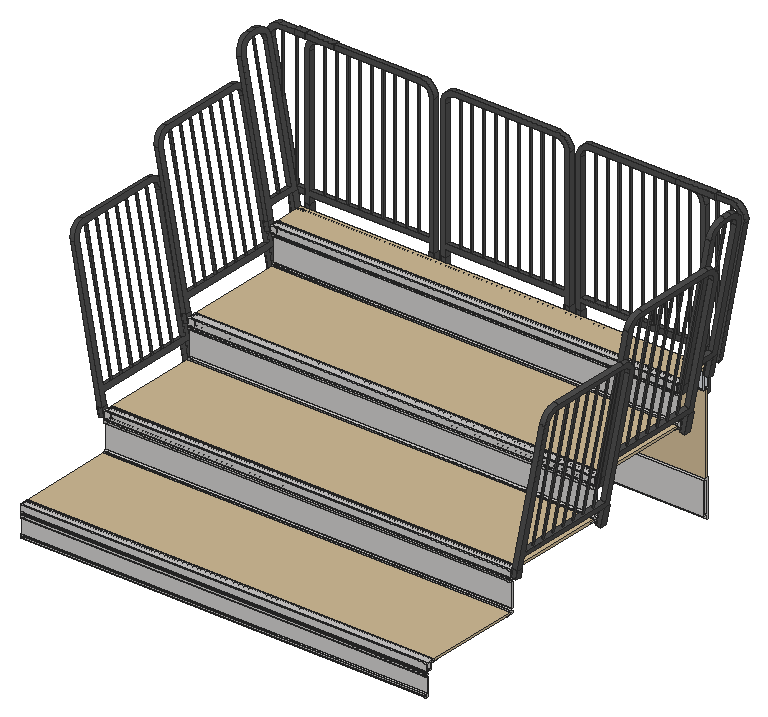
Revit family "Bleacher-Telescopic-Hussey-MAXAM_Plus-Portable-Simplified", category Specialty Equipment, Revit 2023 (continued)
Definition of nested family "Bleacher-Rear_Rail-Hussey"
  Forms (in)
    Extrusion 5, solid, detail levels medium+fine
      sketch origin (0, 0, 0) x (1, 0, 0) y (0, 1, 0)
        loop
          line (-121.625, 24.125) -> (-121.625, 22.375) -> (-119.875, 22.375) -> (-119.875, 24.125) -> (-121.625, 24.125)
      from -0.125 to 0
    Extrusion 6, solid, detail levels medium+fine
      sketch origin (0, 0, 0) x (1, 0, 0) y (0, 1, 0)
        loop
          line (-121.625, 24.125) -> (-121.625, 22.375) -> (-119.875, 22.375) -> (-119.875, 24.125) -> (-121.625, 24.125)
        loop
          line (-120, 24) -> (-121.5, 24) -> (-121.5, 22.5) -> (-120, 22.5) -> (-120, 24)
      from 0 to 9.5
  Cuts and joins
    joined: Sweep 1, Extrusion 2
    joined: Extrusion 3, Extrusion 4
    joined: Extrusion 5, Extrusion 6
  Dimensions and locks (in)
    "Height": plane 4 "Top" to level
    plane 2 "Left" to plane 6 to plane 5 = 0' - 0 3/4" locked, 0' - 0 3/4" locked
    "Width": plane 3 "Front" to plane 8
    locked: plane 3 "Front" to plane 9 at 1.5
    locked: plane 7 to plane 8 at 1.5
    locked: plane 4 "Top" to plane 10 at 1.5
    locked: plane 12 to plane 11 at 1.5
    "Baluster Spacing": plane 9 to plane 13 "First Baluster"
    "Baluster Spacing": plane 14 "Last Baluster" to plane 7
    "Baluster Height": plane 10 to plane 12
    equal spacing: group 1, group 3, group 4, group 5, group 6, group 7, group 8, group 2  (x3)
    locked: plane 3 "Front" to plane 16 at 0.125
    locked: plane 15 to plane 9 at 0.125
    locked: plane 17 to plane 5 at 0.125
    locked: plane 2 "Left" to plane 18 at 0.125
    locked: plane 8 to plane 19 at 0.125
    locked: plane 20 to plane 7 at 0.125
    locked: plane 1 to plane 21 at 0.125
    equal spacing: plane 3 "Front", plane 23 "Center (Front/Back)", plane 8
    locked: plane 11 to plane 22 at 2.25
    locked: plane 22 to plane 24 "Top Deck Height" at 1.125
    aligned and locked: plane 1 to level
    aligned and locked: Sweep 1 sketch curve to plane 3 "Front"
    aligned and locked: Sweep 1 sketch curve to plane 4 "Top"
    aligned and locked: Sweep 1 sketch curve to plane 8
    aligned and locked: plane 1 to Sweep 1 sketch curve  (x2)
    aligned and locked: plane 5 to Sweep 1 sketch curve
    aligned and locked: plane 9 to Sweep 1 sketch curve
    aligned and locked: plane 2 "Left" to Sweep 1 sketch curve
    aligned and locked: plane 3 "Front" to Sweep 1 sketch curve
    aligned and locked: plane 12 to Extrusion 2 sketch curve
    aligned and locked: plane 11 to Extrusion 2 sketch curve
    aligned and locked: plane 5 to Extrusion 2 sketch curve
    aligned and locked: plane 2 "Left" to Extrusion 2 sketch curve
    aligned and locked: plane 9 to Extrusion 2
    aligned and locked: Extrusion 2 to plane 7
    aligned and locked: plane 12 to nested 1
    aligned and locked: plane 13 "First Baluster" to nested 1
    aligned and locked: nested 1 to plane 6
    aligned and locked: plane 14 "Last Baluster" to nested 2
    aligned and locked: nested 2 to plane 12
    aligned and locked: Extrusion 3 sketch curve to plane 17
    aligned and locked: Extrusion 3 sketch curve to plane 15
    aligned and locked: plane 18 to Extrusion 3 sketch curve
    aligned and locked: plane 16 to Extrusion 3 sketch curve
    aligned and locked: Extrusion 3 sketch curve to plane 2 "Left"
    aligned and locked: Extrusion 3 sketch curve to plane 5
    aligned and locked: Extrusion 3 sketch curve to plane 3 "Front"
    aligned and locked: Extrusion 3 sketch curve to plane 9
    aligned and locked: Extrusion 3 to plane 1
    aligned and locked: plane 22 to Extrusion 3
    aligned and locked: Extrusion 4 sketch curve to plane 17
    aligned and locked: plane 18 to Extrusion 4 sketch curve
    aligned and locked: Extrusion 4 sketch curve to plane 15
    aligned and locked: plane 16 to Extrusion 4 sketch curve
    aligned and locked: plane 1 to Extrusion 4
    aligned and locked: Extrusion 4 to plane 21
    aligned and locked: Extrusion 5 sketch curve to plane 19
    aligned and locked: plane 20 to Extrusion 5 sketch curve
    aligned and locked: plane 17 to Extrusion 5 sketch curve
    aligned and locked: plane 18 to Extrusion 5 sketch curve
    aligned and locked: plane 21 to Extrusion 5
    aligned and locked: plane 1 to Extrusion 5
    aligned and locked: Extrusion 6 sketch curve to plane 19
    aligned and locked: Extrusion 6 sketch curve to plane 8
    aligned and locked: Extrusion 6 sketch curve to plane 7
    aligned and locked: plane 20 to Extrusion 6 sketch curve
    aligned and locked: plane 5 to Extrusion 6 sketch curve
    aligned and locked: Extrusion 6 sketch curve to plane 2 "Left"
    aligned and locked: plane 17 to Extrusion 6 sketch curve
    aligned and locked: plane 18 to Extrusion 6 sketch curve
    aligned and locked: Extrusion 6 to plane 1
    aligned and locked: plane 22 to cut or joined group of Extrusion 5, Extrusion 6
  Automatic sketch dimensions
    Sweep 1 sketch curve to plane 13 "First Baluster" = 0' - 1 1/8"
    plane 14 "Last Baluster" to Sweep 1 sketch curve = 0' - 1 1/8"
  Nested families (in)
    nested 1: "Bleacher-End_Rail-Hussey-Baluster" at (-0.75, 5.5, 13.25), type "Bleacher-End_Rail-Hussey-Baluster"
      with Height 3' - 5 13/16"
    nested 2: "Bleacher-End_Rail-Hussey-Baluster" at (-0.75, 30.5, 13.25), type "Bleacher-End_Rail-Hussey-Baluster"
      with Height 3' - 5 13/16"
    nested 3: "Bleacher-End_Rail-Hussey-Baluster" at (-0.75, 9.07143, 13.25), type "Bleacher-End_Rail-Hussey-Baluster"
      with Height 3' - 5 13/16"
    nested 4: "Bleacher-End_Rail-Hussey-Baluster" at (-0.75, 12.64286, 13.25), type "Bleacher-End_Rail-Hussey-Baluster"
      with Height 3' - 5 13/16"
    nested 5: "Bleacher-End_Rail-Hussey-Baluster" at (-0.75, 16.21429, 13.25), type "Bleacher-End_Rail-Hussey-Baluster"
      with Height 3' - 5 13/16"
    nested 6: "Bleacher-End_Rail-Hussey-Baluster" at (-0.75, 19.78571, 13.25), type "Bleacher-End_Rail-Hussey-Baluster"
      with Height 3' - 5 13/16"
    nested 7: "Bleacher-End_Rail-Hussey-Baluster" at (-0.75, 23.35714, 13.25), type "Bleacher-End_Rail-Hussey-Baluster"
      with Height 3' - 5 13/16"
    nested 8: "Bleacher-End_Rail-Hussey-Baluster" at (-0.75, 26.92857, 13.25), type "Bleacher-End_Rail-Hussey-Baluster"
      with Height 3' - 5 13/16"
  Definition of nested family "Bleacher-End_Rail-Hussey-Baluster"
    Parameters
      URL = "http://www.husseyseating.com/"
      Model = ""
      Manufacturer = "Hussey Seating Company"  # constant formula
      Height = 3' - 3"
      Description = "Single Baluster for Bleacher End Rail"
      Default Elevation = 0' - 0"
      Created By = "Revitus"  # constant formula
      Creator URL = "http://www.revituspro.com/"
      Baluster Width = 0' - 0 3/8"
      Baluster Material = none
      Baluster Depth = 0' - 0 3/8"
      Assembly Code = ""
    Reference planes (in)
      plane 1: z = 0
      plane 2 "Center (Left/Right)": x = -120
      plane 3 "Center (Front/Back)": y = -12
      plane 4 "Top": z = 39
      plane 5 "Left": x = -120.1875
      plane 6 "Back": y = -11.8125
      plane 7 "Right": x = -119.8125
      plane 8 "Front": y = -12.1875
    Forms (in)
      Extrusion 1, solid, material <- "Baluster Material"
        sketch origin (0, 0, 0) x (1, 0, 0) y (0, 1, 0)
          loop
            line (-119.8125, -11.8125) -> (-120.1875, -11.8125) -> (-120.1875, -12.1875) -> (-119.8125, -12.1875) -> (-119.8125, -11.8125)
        from 0 to 39
    Dimensions and locks (in)
      "Height": plane 4 "Top" to level
      equal spacing: plane 5 "Left", plane 2 "Center (Left/Right)", plane 7 "Right"
      "Baluster Width": plane 5 "Left" to plane 7 "Right"
      equal spacing: plane 8 "Front", plane 3 "Center (Front/Back)", plane 6 "Back"
      "Baluster Depth": plane 8 "Front" to plane 6 "Back"
      aligned and locked: plane 1 to level
      aligned and locked: Extrusion 1 sketch curve to plane 6 "Back"
      aligned and locked: plane 7 "Right" to Extrusion 1 sketch curve
      aligned and locked: plane 8 "Front" to Extrusion 1 sketch curve
      aligned and locked: Extrusion 1 sketch curve to plane 5 "Left"
      aligned and locked: plane 4 "Top" to Extrusion 1
      aligned and locked: Extrusion 1 to level
Definition of nested family "Bleacher-Rear_Rail_Filler-Hussey"
  Parameters
    URL = "http://www.husseyseating.com/"
    Model = ""
    Manufacturer = "Hussey Seating Company"  # constant formula
    Height = 4' - 8 9/16"
    End Rail Color = none
    Description = "Rear Rail Filler at End Rail"
    Default Elevation = 0' - 0"
    Created By = "Revitus"  # constant formula
    Creator URL = "http://www.revituspro.com/"
    Baluster Height = Height - 1' 2 3/4"  # 3' - 5 13/16"
    Assembly Code = ""
  Reference planes (in)
    plane 1: z = 0
    plane 2 "Left": x = -120
    plane 3 "Front": y = -12
    plane 4 "Top": z = 56.5625
    plane 5: x = -121.5
    plane 6 "Center (Left/Right)": x = -120.75
    plane 7: y = -10.5
    plane 8: z = 55.0625
    plane 9: z = 11.75
    plane 10: z = 13.25
    plane 11: y = -10.375
    plane 12: y = -12.125
    plane 13: x = -121.625
    plane 14: x = -119.875
    plane 15: z = -0.125
    plane 16: z = 9.5
    plane 17 "Top Deck Height": z = 8.375
    plane 18: y = -24.125
    plane 19: y = -15.125
    plane 20: x = -121.625
    plane 21: x = -119.875
    plane 22: z = 56.6875
    plane 23: y = -3
    plane 24: y = -19.5
  Forms (in)
    Sweep 1, solid, material <- "End Rail Color"
      path origin (-120, 0, 0) x (0, 1, 0) y (0, 0, 1)
        loop
          line (-16.03064, 10.12437) -> (-24.04462, 51.35271)
          arc (-24.04462, 51.35271) -> (-23.12586, 54.97034) -> (-19.75, 56.5625) r 4.375
          line (-19.75, 56.5625) -> (-12, 56.5625)
      profile origin (-120, -20.03763, 30.73854) x (0, -0.981627, -0.190809) y (1, 0, 0)
        loop
          line (-1.5, -1.5) -> (0, -1.5) -> (0, 0) -> (-1.5, 0) -> (-1.5, -1.5)
    Extrusion 2, solid, material <- "End Rail Color"
      sketch origin (0, -12, 0) x (-1, 0, 0) y (0, 0, 1)
        loop
          line (121.5, 13.25) -> (120, 13.25) -> (120, 11.75) -> (121.5, 11.75) -> (121.5, 13.25)
      from -3.125 to 0
    Extrusion 3, solid, material <- "End Rail Color"
      sketch origin (0, 5, 0) x (0, 0, 1) y (1, 0, 0)
        loop
          line (56.6875, -121.625) -> (56.6875, -119.875) -> (55.0625, -119.875) -> (55.0625, -120) -> (56.5625, -120) -> (56.5625, -121.5) -> (55.0625, -121.5) -> (55.0625, -121.625) -> (56.6875, -121.625)
      from -20.125 to -8
  Lines and regions (in)
    reference lines
      curve 1: line (-120.75, -10.5, 56.5625) -> (-120.75, -19.75, 56.5625)
      curve 2: line (-120.75, -16.03064, 10.12437) -> (-120.75, -24.04462, 51.35271)
      curve 3: arc (-120.75, -24.04462, 51.35271) -> (-120.75, -23.12586, 54.97034) -> (-120.75, -19.75, 56.5625) r 4.375
  Dimensions and locks (in)
    "Height": plane 4 "Top" to level
    plane 2 "Left" to plane 6 "Center (Left/Right)" to plane 5 = 0' - 0 3/4" locked, 0' - 0 3/4" locked
    locked: plane 3 "Front" to plane 7 at 1.5
    locked: plane 4 "Top" to plane 8 at 1.5
    locked: plane 10 to plane 9 at 1.5
    "Baluster Height": plane 8 to plane 10
    locked: plane 3 "Front" to plane 12 at 0.125
    locked: plane 11 to plane 7 at 0.125
    locked: plane 13 to plane 5 at 0.125
    locked: plane 2 "Left" to plane 14 at 0.125
    locked: plane 1 to plane 15 at 0.125
    locked: plane 9 to plane 16 at 2.25
    locked: plane 16 to plane 17 "Top Deck Height" at 1.125
    locked: plane 22 to plane 4 "Top" at 0.125
    locked: plane 21 to plane 2 "Left" at 0.125
    locked: plane 20 to plane 5 at 0.125
    plane 18 to plane 19 to plane 7 to plane 23 = 0' - 9" locked, 0' - 4 5/8" locked, 0' - 7 1/2" locked
    angle plane 18 to curve 2 = 11.00°
    aligned and locked: plane 1 to level
    aligned and locked: plane 10 to Extrusion 2 sketch curve
    aligned and locked: plane 9 to Extrusion 2 sketch curve
    aligned and locked: plane 5 to Extrusion 2 sketch curve
    aligned and locked: plane 2 "Left" to Extrusion 2 sketch curve
    aligned: plane 7 to Extrusion 2
    aligned and locked: nested 1 to plane 6 "Center (Left/Right)"
    aligned and locked: Sweep 1 sketch curve to curve 2
    aligned and locked: Sweep 1 sketch curve to curve 3
    aligned and locked: curve 1 to Sweep 1 sketch curve
    aligned and locked: plane 20 to Extrusion 3 sketch curve
    aligned and locked: plane 22 to Extrusion 3 sketch curve
    aligned and locked: Extrusion 3 sketch curve to plane 21
    aligned and locked: plane 2 "Left" to Extrusion 3 sketch curve
    aligned and locked: plane 5 to Extrusion 3 sketch curve
    aligned and locked: plane 4 "Top" to Extrusion 3 sketch curve
    aligned and locked: plane 8 to Extrusion 3 sketch curve  (x2)
    aligned and locked: Extrusion 3 to plane 19
    aligned and locked: plane 23 to Extrusion 3
    aligned and locked: plane 24 to nested 1
    aligned and locked: plane 19 to nested 2
    aligned and locked: plane 3 "Front" to Extrusion 2
  Automatic sketch dimensions
    Sweep 1 sketch curve to plane 2 "Left" = 0' - 0"
    Sweep 1 sketch curve to profile plane = 0' - 0"
    Sweep 1 sketch curve to Sweep 1 sketch curve = 0' - 1 1/2"
    Sweep 1 sketch curve to plane 2 "Left" = 0' - 1 1/2"
    plane 4 "Top" to curve 1 = 0' - 0"
    curve 1 to plane 7 = 0' - 0"
    curve 3 to plane 8 = 0' - 2 7/8"
    plane 18 to curve 3 = 0' - 0.08038"
    curve 3 to plane 8 = 0' - 3.70979"
    Sweep 1 sketch curve to plane 3 "Front" = 0' - 0"
    plane 18 to Sweep 1 sketch curve = 0' - 0.08038"
    plane 16 to Sweep 1 sketch curve = 0' - 0.62437"
  Nested families (in)
    nested 1: "Bleacher-End_Rail-Hussey-Baluster" at (-0.75, -7.5, 36.5625), type "Bleacher-Rear_Rail_Filler-Hussey-Baluster"
      with Height 1' - 6 1/2"
    nested 2: "Bleacher-End_Rail-Hussey-Baluster" at (-0.75, -3.125, 13.25), type "Bleacher-End_Rail-Hussey-Baluster"
      with Height 3' - 5 13/16"
  Definition of nested family "Bleacher-End_Rail-Hussey-Baluster"
    Parameters
      URL = "http://www.husseyseating.com/"
      Model = ""
      Manufacturer = "Hussey Seating Company"  # constant formula
      Height = 3' - 3"
      Description = "Single Baluster for Bleacher End Rail"
      Default Elevation = 0' - 0"
      Created By = "Revitus"  # constant formula
      Creator URL = "http://www.revituspro.com/"
      Baluster Width = 0' - 0 3/8"
      Baluster Material = none
      Baluster Depth = 0' - 0 3/8"
      Assembly Code = ""
    Reference planes (in)
      plane 1: z = 0
      plane 2 "Center (Left/Right)": x = -120
      plane 3 "Center (Front/Back)": y = -12
      plane 4 "Top": z = 39
      plane 5 "Left": x = -120.1875
      plane 6 "Back": y = -11.8125
      plane 7 "Right": x = -119.8125
      plane 8 "Front": y = -12.1875
    Forms (in)
      Extrusion 1, solid, material <- "Baluster Material"
        sketch origin (0, 0, 0) x (1, 0, 0) y (0, 1, 0)
          loop
            line (-119.8125, -11.8125) -> (-120.1875, -11.8125) -> (-120.1875, -12.1875) -> (-119.8125, -12.1875) -> (-119.8125, -11.8125)
        from 0 to 39
    Dimensions and locks (in)
      "Height": plane 4 "Top" to level
      equal spacing: plane 5 "Left", plane 2 "Center (Left/Right)", plane 7 "Right"
      "Baluster Width": plane 5 "Left" to plane 7 "Right"
      equal spacing: plane 8 "Front", plane 3 "Center (Front/Back)", plane 6 "Back"
      "Baluster Depth": plane 8 "Front" to plane 6 "Back"
      aligned and locked: plane 1 to level
      aligned and locked: Extrusion 1 sketch curve to plane 6 "Back"
      aligned and locked: plane 7 "Right" to Extrusion 1 sketch curve
      aligned and locked: plane 8 "Front" to Extrusion 1 sketch curve
      aligned and locked: Extrusion 1 sketch curve to plane 5 "Left"
      aligned and locked: plane 4 "Top" to Extrusion 1
      aligned and locked: Extrusion 1 to level
Definition of nested family "Bleacher Seat"
  Parameters
    URL = "http://www.husseyseating.com/"
    Show XC12 = no
    Show XC10 = yes
    Show Metro Chair = no
    Show Classic Wood Seat = no
    Seat Color = none
    Model = "CourtSide XC10"
    Manufacturer = "Hussey Seating Company"  # constant formula
    Default Elevation = 0' - 0"
    Created By = "Revitus"  # constant formula
    Creator URL = "http://www.revituspro.com/"
    Bank Length [instance] = 18' - 0"
    Assembly Code = ""
  Reference planes (in)
    plane 1: z = 0
    plane 2 "Center (Left/Right)": x = -12
    plane 3 "Left": x = -120
    plane 4 "Right": x = 96
    plane 5 "Front": y = -12
    plane 6 "Host Level Offset Bottom": z = -8
    plane 7 "Host Level Offset Top": z = 8
  Forms (in)
    Extrusion 1, solid, material <- "Seat Color", visible <- "Show XC10"
      sketch origin (-12, 0, 0) x (0, 1, 0) y (0, 0, 1)
        loop
          line (-11.8125, 0) -> (-6.27222, 0) -> (-6.97372, 2.36822)
          arc (-6.97372, 2.36822) -> (-6.9994, 2.46728) -> (-7.01998, 2.56753) r 2
          arc (-7.01998, 2.56753) -> (-6.96581, 3.00687) -> (-6.67332, 3.33914) r 0.75
          line (-6.67332, 3.33914) -> (-4.24513, 4.82586)
          arc (-4.24513, 4.82586) -> (-3.94252, 4.96751) -> (-3.61606, 5.03866) r 1.5
          arc (-3.61606, 5.03866) -> (-3.47664, 5.05337) -> (-3.33728, 5.06869) r 32.21588
          arc (-3.33728, 5.06869) -> (-3.31572, 5.08178) -> (-3.31176, 5.10668) r 0.03
          line (-3.31176, 5.10668) -> (-3.46714, 5.64853)
          arc (-3.46714, 5.64853) -> (-3.46045, 5.70866) -> (-3.41358, 5.74692) r 0.08
          arc (-3.41358, 5.74692) -> (-3.28838, 5.81194) -> (-3.23332, 5.94182) r 0.2083
          line (-3.23332, 5.94182) -> (-3.23332, 6.00281)
          arc (-3.23332, 6.00281) -> (-3.33303, 6.22615) -> (-3.56588, 6.30102) r 0.29999
          arc (-3.56588, 6.30102) -> (-7.6105, 6.12553) -> (-11.64345, 6.47919) r 30.96588
          arc (-11.64345, 6.47919) -> (-11.88356, 6.484) -> (-12.11945, 6.43895) r 1.1526
          arc (-12.11945, 6.43895) -> (-12.59256, 6.21492) -> (-12.97892, 5.86171) r 1.76109
          arc (-12.97892, 5.86171) -> (-13.19235, 5.56913) -> (-13.23339, 5.20932) r 0.7088
          arc (-13.23339, 5.20932) -> (-13.02864, 1.37672) -> (-12.60147, -2.4375) r 66
          line (-12.60147, -2.4375) -> (-12, -2.4375) -> (-12, -0.1875)
          arc (-12, -0.1875) -> (-11.94508, -0.05492) -> (-11.8125, 0) r 0.1875
      from -108 to 108
    Extrusion 2, solid, material <- "Seat Color", visible <- "Show Classic Wood Seat"
      sketch origin (0, 0, 0) x (0, 1, 0) y (0, 0, 1)
        loop
          line (-12, 5.4375) -> (-12.75, 5.4375) -> (-12.75, -2.22535)
          arc (-12.75, -2.22535) -> (-12.375, -2.4375) -> (-12, -2.22535) r 0.4375
          line (-12, -2.22535) -> (-12, 5.4375)
        loop
          line (-4.18696, 6.02394) -> (-12.75906, 6.27231)
          arc (-12.75906, 6.27231) -> (-12.98199, 5.90361) -> (-12.78078, 5.52262) r 0.4375
          line (-12.78078, 5.52262) -> (-4.20869, 5.27426)
          arc (-4.20869, 5.27426) -> (-3.98576, 5.64296) -> (-4.18696, 6.02394) r 0.4375
      from -120 to 96
    Extrusion 3, solid, material <- "Seat Color", visible <- "Show XC12"
      sketch origin (0, 0, 0) x (0, 1, 0) y (0, 0, 1)
        loop
          line (-11.8125, 0) -> (-4.66697, 0) -> (-5.65002, 3.11784) -> (-1.62017, 5.26175)
          arc (-1.62017, 5.26175) -> (-1.56901, 5.25756) -> (-1.51779, 5.26091) r 0.35
          arc (-1.51779, 5.26091) -> (-1.38738, 5.32486) -> (-1.33463, 5.4602) r 0.2
          line (-1.33463, 5.4602) -> (-1.33463, 5.72823)
          arc (-1.33463, 5.72823) -> (-1.45521, 6.05387) -> (-1.75878, 6.22245) r 0.5
          line (-1.75878, 6.22245) -> (-3.66896, 6.46462) -> (-5.71322, 6.46637)
          arc (-5.71322, 6.46637) -> (-8.17496, 6.47218) -> (-10.63266, 6.61324) r 44.78937
          arc (-10.63266, 6.61324) -> (-11.73081, 6.45288) -> (-12.59544, 5.75714) r 2.10864
          line (-12.59544, 5.75714) -> (-13.21576, 4.92083)
          arc (-13.21576, 4.92083) -> (-13.3805, 4.53599) -> (-13.43565, 4.12101) r 1.54192
          arc (-13.43565, 4.12101) -> (-13.30757, 0.72964) -> (-12.72588, -2.61393) r 25.25144
          line (-12.72588, -2.61393) -> (-12, -2.61395) -> (-12, -0.1875)
          arc (-12, -0.1875) -> (-11.94508, -0.05492) -> (-11.8125, 0) r 0.1875
      from -120 to 96
    Extrusion 4, solid, visible <- "Show Classic Wood Seat"
      sketch origin (0, 0, 0) x (0, 1, 0) y (0, 0, 1)
        loop
          line (-11.63037, 0) -> (-7, 0) -> (-7, 0.1196) -> (-7.86588, 0.1196) -> (-11.6304, 0.1196)
          arc (-11.6304, 0.1196) -> (-11.80718, 0.19282) -> (-11.8804, 0.3696) r 0.25
          line (-11.8804, 0.3696) -> (-11.8804, 0.5) -> (-11.8804, 4.25) -> (-11.8804, 4.375) -> (-11.8804, 5.11954)
          arc (-11.8804, 5.11954) -> (-11.8046, 5.29885) -> (-11.62316, 5.36943) r 0.25
          line (-11.62316, 5.36943) -> (-6.24255, 5.21354) -> (-4.38166, 5.15962) -> (-4.25671, 5.156) -> (-4.25325, 5.27555) -> (-11.6197, 5.48898)
          arc (-11.6197, 5.48898) -> (-11.88793, 5.38464) -> (-12, 5.11954) r 0.3696
          line (-12, 5.11954) -> (-12, 0.375)
          arc (-12, 0.375) -> (-11.89364, 0.11017) -> (-11.63037, 0) r 0.36967
      from -120 to 96
  Lines and regions (in)
    model lines, visible <- "Show Metro Chair"
      curve 1: line (-120, -12, 0) -> (96, -12, 0)
      curve 2: line (-12, -12, 0) -> (-12, -11, 0)
  Dimensions and locks (in)
    "Bank Length": plane 3 "Left" to plane 4 "Right"
    equal spacing: plane 3 "Left", plane 2 "Center (Left/Right)", plane 4 "Right"
    aligned and locked: plane 1 to level
    aligned and locked: Extrusion 1 sketch curve to level
    aligned and locked: Extrusion 1 sketch curve to plane 5 "Front"
    aligned and locked: Extrusion 1 to plane 3 "Left"
    aligned and locked: Extrusion 1 to plane 4 "Right"
    aligned and locked: Extrusion 2 to plane 3 "Left"
    aligned and locked: Extrusion 2 to plane 4 "Right"
    aligned and locked: Extrusion 3 to plane 3 "Left"
    aligned and locked: Extrusion 3 to plane 4 "Right"
    aligned and locked: Extrusion 4 to plane 4 "Right"
    aligned and locked: Extrusion 4 to plane 3 "Left"
    aligned and locked: curve 1 to plane 5 "Front"
    aligned and locked: curve 2 to level
  Automatic sketch dimensions
    Extrusion 1 sketch curve to Extrusion 1 sketch curve = 0' - 0"  (x7)
    Extrusion 1 sketch curve to plane 5 "Front" = 0' - 0.11945"
    Extrusion 1 sketch curve to plane 5 "Front" = 0' - 0.532"
    Extrusion 1 sketch curve to Extrusion 1 sketch curve = 0' - 0.60147"
    Extrusion 1 sketch curve to Extrusion 1 sketch curve = 0' - 0.44692"
    Extrusion 1 sketch curve to Extrusion 1 sketch curve = 0' - 0.25447"
    plane 5 "Front" to Extrusion 1 sketch curve = 0' - 0 3/16"
    plane 5 "Front" to Extrusion 1 sketch curve = 0' - 0.21354"
    plane 5 "Front" to Extrusion 1 sketch curve = 0' - 0.35655"
    plane 5 "Front" to Extrusion 1 sketch curve = 0' - 0.38933"
    level to Extrusion 1 sketch curve = 0' - 2.56753"
    plane 5 "Front" to Extrusion 1 sketch curve = 0' - 4.98002"
    level to Extrusion 1 sketch curve = 0' - 2.36822"
    Extrusion 1 sketch curve to Extrusion 1 sketch curve = 0' - 0.04626"
    plane 5 "Front" to Extrusion 1 sketch curve = 0' - 5.07235"
    Extrusion 1 sketch curve to Extrusion 1 sketch curve = 0' - 0.34667"
    Extrusion 1 sketch curve to Extrusion 1 sketch curve = 0' - 0 189/256"
    Extrusion 1 sketch curve to Extrusion 1 sketch curve = 0' - 0.7015"
    Extrusion 1 sketch curve to Extrusion 1 sketch curve = 0' - 1.23049"
    plane 7 "Host Level Offset Top" to Extrusion 1 sketch curve = 0' - 3.17414"
    Extrusion 1 sketch curve to Extrusion 1 sketch curve = 0' - 0.80607"
    Extrusion 1 sketch curve to Extrusion 1 sketch curve = 0' - 0.62907"
    Extrusion 1 sketch curve to Extrusion 1 sketch curve = 0' - 0.05018"
    Extrusion 1 sketch curve to Extrusion 1 sketch curve = 0' - 0.03257"
    Extrusion 1 sketch curve to Extrusion 1 sketch curve = 0' - 0.06618"
    Extrusion 1 sketch curve to Extrusion 1 sketch curve = 0' - 0.78326"
    Extrusion 1 sketch curve to Extrusion 1 sketch curve = 0' - 0.09201"
    Extrusion 1 sketch curve to Extrusion 1 sketch curve = 0' - 0.05356"
    Extrusion 1 sketch curve to Extrusion 1 sketch curve = 0' - 0.02339"
    Extrusion 1 sketch curve to Extrusion 1 sketch curve = 0' - 0.27543"
    Extrusion 1 sketch curve to Extrusion 1 sketch curve = 0' - 0.00334"
    plane 7 "Host Level Offset Top" to Extrusion 1 sketch curve = 0' - 2.89332"
    Extrusion 1 sketch curve to Extrusion 1 sketch curve = 0' - 0.02886"
    Extrusion 1 sketch curve to Extrusion 1 sketch curve = 0' - 0.20798"
    plane 7 "Host Level Offset Top" to Extrusion 1 sketch curve = 0' - 1.18769"
    Extrusion 1 sketch curve to Extrusion 1 sketch curve = 4' - 7 251/256"
    Extrusion 1 sketch curve to Extrusion 1 sketch curve = 0' - 2 1/4"
    Extrusion 1 sketch curve to Extrusion 1 sketch curve = 0' - 0.45636"
    Extrusion 1 sketch curve to Extrusion 1 sketch curve = 0' - 0.35428"
    Extrusion 1 sketch curve to Extrusion 1 sketch curve = 0' - 0.02189"
    Extrusion 1 sketch curve to Extrusion 1 sketch curve = 0' - 0.06098"
    Extrusion 2 sketch curve to plane 5 "Front" = 0' - 0"
    Extrusion 2 sketch curve to plane 5 "Front" = 0' - 0 3/8"
    Extrusion 2 sketch curve to plane 5 "Front" = 0' - 0.54467"
    Extrusion 2 sketch curve to Extrusion 2 sketch curve = 0' - 0 3/8"
    Extrusion 2 sketch curve to Extrusion 2 sketch curve = 0' - 0.21439"  (x2)
    Extrusion 2 sketch curve to Extrusion 2 sketch curve = 0' - 0.03078"
    plane 7 "Host Level Offset Top" to Extrusion 2 sketch curve = 0' - 2.34437"
    plane 5 "Front" to Extrusion 2 sketch curve = 0' - 7.57692"
    plane 7 "Host Level Offset Top" to Extrusion 2 sketch curve = 0' - 2.72574"
    plane 7 "Host Level Offset Top" to Extrusion 2 sketch curve = 0' - 1.97606"
    Extrusion 2 sketch curve to level = 0' - 2"
    Extrusion 2 sketch curve to Extrusion 2 sketch curve = 0' - 0.22535"
    plane 7 "Host Level Offset Top" to Extrusion 2 sketch curve = 0' - 2 9/16"
    Extrusion 2 sketch curve to Extrusion 2 sketch curve = 0' - 0.08512"
    Extrusion 2 sketch curve to Extrusion 2 sketch curve = 0' - 0.36832"
    Extrusion 3 sketch curve to plane 5 "Front" = 0' - 0"
    Extrusion 3 sketch curve to level = 0' - 0"
    Extrusion 3 sketch curve to plane 5 "Front" = 0' - 0.59544"
    Extrusion 3 sketch curve to plane 5 "Front" = 0' - 0.72588"
    Extrusion 3 sketch curve to Extrusion 3 sketch curve = 0' - 0.62031"
    Extrusion 3 sketch curve to Extrusion 3 sketch curve = 0' - 0.21989"
    plane 5 "Front" to Extrusion 3 sketch curve = 0' - 0.10626"
    Extrusion 3 sketch curve to Extrusion 3 sketch curve = 0' - 0 3/16"
    Extrusion 3 sketch curve to Extrusion 3 sketch curve = 0' - 1.00595"
    plane 5 "Front" to Extrusion 3 sketch curve = 0' - 1.36734"
    plane 5 "Front" to Extrusion 3 sketch curve = 0' - 5.16161"
    plane 7 "Host Level Offset Top" to Extrusion 3 sketch curve = 0' - 1.53363"
    Extrusion 3 sketch curve to Extrusion 3 sketch curve = 0' - 4.91945"
    level to Extrusion 3 sketch curve = 0' - 3.11784"
    Extrusion 3 sketch curve to Extrusion 3 sketch curve = 0' - 0.06319"
    Extrusion 3 sketch curve to Extrusion 3 sketch curve = 0' - 0.98305"
    plane 7 "Host Level Offset Top" to Extrusion 3 sketch curve = 0' - 1.53538"
    Extrusion 3 sketch curve to Extrusion 3 sketch curve = 0' - 2.04426"
    Extrusion 3 sketch curve to Extrusion 3 sketch curve = 0' - 1.83433"
    Extrusion 3 sketch curve to Extrusion 3 sketch curve = 0' - 0.07585"
    Extrusion 3 sketch curve to Extrusion 3 sketch curve = 0' - 0.21445"
    Extrusion 3 sketch curve to Extrusion 3 sketch curve = 0' - 0.26849"
    Extrusion 3 sketch curve to Extrusion 3 sketch curve = 0' - 0.03151"
    Extrusion 3 sketch curve to Extrusion 3 sketch curve = 0' - 0.10238"
    Extrusion 3 sketch curve to Extrusion 3 sketch curve = 0' - 0.2"
    Extrusion 3 sketch curve to Extrusion 3 sketch curve = 0' - 0.23151"
    level to Extrusion 3 sketch curve = 0' - 3.37615"
    Extrusion 3 sketch curve to Extrusion 3 sketch curve = 1' - 1.13943"
    Extrusion 3 sketch curve to Extrusion 3 sketch curve = 0' - 2.42643"
    Extrusion 3 sketch curve to Extrusion 3 sketch curve = 0' - 0"  (x2)
    Extrusion 3 sketch curve to Extrusion 3 sketch curve = 0' - 0.00623"
    Extrusion 3 sketch curve to Extrusion 3 sketch curve = 0' - 0.39285"
    Extrusion 3 sketch curve to Extrusion 3 sketch curve = 0' - 1.20371"
    Extrusion 3 sketch curve to Extrusion 3 sketch curve = 0' - 0.00084"
    Extrusion 3 sketch curve to Extrusion 3 sketch curve = 0' - 0.12068"
    Extrusion 3 sketch curve to Extrusion 3 sketch curve = 0' - 0.83631"
    Extrusion 4 sketch curve to Extrusion 4 sketch curve = 0' - 0"  (x2)
    Extrusion 4 sketch curve to level = 0' - 0"
    plane 5 "Front" to Extrusion 4 sketch curve = 0' - 0"
    plane 5 "Front" to Extrusion 4 sketch curve = 0' - 0.1196"
    level to Extrusion 4 sketch curve = 0' - 0.1196"
    Extrusion 4 sketch curve to Extrusion 4 sketch curve = 0' - 0 1/4"  (x2)
    Extrusion 4 sketch curve to Extrusion 4 sketch curve = 0' - 0.00003"
    Extrusion 4 sketch curve to Extrusion 4 sketch curve = 0' - 0.00724"
    Extrusion 4 sketch curve to Extrusion 4 sketch curve = 0' - 0.00346"
    Extrusion 4 sketch curve to Extrusion 4 sketch curve = 0' - 3.76452"
    Extrusion 4 sketch curve to Extrusion 4 sketch curve = 0' - 0.86588"
    plane 7 "Host Level Offset Top" to Extrusion 4 sketch curve = 0' - 2.78646"
    Extrusion 4 sketch curve to Extrusion 4 sketch curve = 0' - 0.75745"
    plane 7 "Host Level Offset Top" to Extrusion 4 sketch curve = 0' - 2.84038"
    Extrusion 4 sketch curve to Extrusion 4 sketch curve = 0' - 1.86089"
    plane 7 "Host Level Offset Top" to Extrusion 4 sketch curve = 0' - 2.844"
    Extrusion 4 sketch curve to Extrusion 4 sketch curve = 0' - 0.12495"
    plane 7 "Host Level Offset Top" to Extrusion 4 sketch curve = 0' - 2.72445"
    Extrusion 4 sketch curve to Extrusion 4 sketch curve = 0' - 0.00007"
    Extrusion 4 sketch curve to Extrusion 4 sketch curve = 0' - 0.1304"
    Extrusion 4 sketch curve to Extrusion 4 sketch curve = 0' - 0.86954"
    Extrusion 4 sketch curve to Extrusion 4 sketch curve = 0' - 0 1/8"
    curve 1 to plane 3 "Left" = 0' - 0"
    curve 1 to plane 4 "Right" = 0' - 0"
    plane 5 "Front" to curve 2 = 0' - 0"
    plane 5 "Front" to curve 2 = 0' - 1"
Definition of nested family "Metro Chair-Single Row Array-Simplified"
  Parameters
    URL = "http://www.husseyseating.com/"
    Stanchion Color = none
    Show Metro Chair = yes
    Show Cup Holders = yes
    Show Arms = yes
    Seats Upright [instance] = yes
    Seats Folded Flat [instance] = no
    Seat Width = 1' - 9"
    Seat Down = yes
    Seat Color = none
    Number of Seats per Row = 5
    Model = "Metro Chair"
    Manufacturer = "Hussey Seating Company"  # constant formula
    Description = "Metro Chair - Single Row Array"
    Default Elevation = 0' - 0"
    Creator URL = "http://www.revituspro.com/"
    Created By = "Revitus"  # constant formula
    Copyright Notice = "© Hussey Seating Co.  All Rights Reserved."  # constant formula
    Chair Array Width to First and Last Centers = 7' - 0"
    BIM Version = "v1.2"  # constant formula
    Assembly Code = ""
  Reference planes (in)
    plane 1 "Center (Front/Back)": y = 0
    plane 2: z = 0
    plane 3 "Center (Left/Right)": x = 0
    plane 4 "First Chair - Center (Left/Right": x = -42
    plane 5 "Last Chair - Center (Left/Right)": x = 42
  Dimensions and locks (in)
    equal spacing: plane 4 "First Chair - Center (Left/Right", plane 3 "Center (Left/Right)", plane 5 "Last Chair - Center (Left/Right)"
    "Chair Array Width to First and Last Centers": plane 4 "First Chair - Center (Left/Right" to plane 5 "Last Chair - Center (Left/Right)"
    equal spacing: group 1, group 3, group 4, group 5, group 2  (x3)
    equal spacing: group 6, group 8, group 9, group 10, group 7  (x3)
    aligned and locked: level to plane 2
    aligned and locked: plane 4 "First Chair - Center (Left/Right" to nested 1
    aligned and locked: nested 1 to plane 1 "Center (Front/Back)"
    aligned and locked: level to nested 1
    aligned and locked: level to nested 2
    aligned and locked: nested 2 to plane 5 "Last Chair - Center (Left/Right)"
    aligned and locked: nested 6 to plane 4 "First Chair - Center (Left/Right"
    aligned and locked: nested 6 to plane 1 "Center (Front/Back)"
    aligned and locked: level to nested 6
    aligned and locked: level to nested 7
    aligned and locked: nested 7 to plane 1 "Center (Front/Back)"
    aligned and locked: nested 7 to plane 5 "Last Chair - Center (Left/Right)"
  Nested families (in)
    nested 1: "Metro Chair-Simplified" at (67.5, 10.625, 0), visible <- "Seats Upright", type "Metro Chair"
    nested 2: "Metro Chair-Simplified" at (151.5, 10.625, 0), visible <- "Seats Upright", type "Metro Chair"
    nested 3: "Metro Chair-Simplified" at (88.5, 10.625, 0), visible <- "Seats Upright", type "Metro Chair"
    nested 4: "Metro Chair-Simplified" at (109.5, 10.625, 0), visible <- "Seats Upright", type "Metro Chair"
    nested 5: "Metro Chair-Simplified" at (130.5, 10.625, 0), visible <- "Seats Upright", type "Metro Chair"
    nested 6: "Metro Chair-Folded-Simplified" at (67.5, 10.625, 0), visible <- "Seats Folded Flat", type "Metro Chair"
    nested 7: "Metro Chair-Folded-Simplified" at (151.5, 10.625, 0), visible <- "Seats Folded Flat", type "Metro Chair"
    nested 8: "Metro Chair-Folded-Simplified" at (88.5, 10.625, 0), visible <- "Seats Folded Flat", type "Metro Chair"
    nested 9: "Metro Chair-Folded-Simplified" at (109.5, 10.625, 0), visible <- "Seats Folded Flat", type "Metro Chair"
    nested 10: "Metro Chair-Folded-Simplified" at (130.5, 10.625, 0), visible <- "Seats Folded Flat", type "Metro Chair"
  Definition of nested family "Metro Chair-Simplified"
    Parameters
      URL = "http://www.husseyseating.com/"
      Stanchion Color = none
      Show Metro Chair = yes
      Show Cup Holders = yes
      Show Arms = yes
      Seat Width = 1' - 9"
      Seat Up = not(Seat Down)  # no
      Seat Down = yes
      Seat Color = none
      Seat Back Color = none
      No Arms = not(Show Arms)  # no
      Model = "Metro Chair"
      Manufacturer = "Hussey Seating Company"  # constant formula
      Default Elevation = 0' - 0"
      Created By = "Revitus"  # constant formula
      Creator URL = "http://www.revituspro.com/"
      Assembly Code = ""
    Reference planes (in)
      plane 1: z = 0
      plane 2 "Center (Left/Right)": x = -109.5
      plane 3 "Left": x = -120
      plane 4 "Right": x = -99
      plane 5 "Front": y = -12
      plane 6 "Host Level Offset Bottom": z = -8
      plane 7 "Host Level Offset Top": z = 8
      plane 8: x = -100.1875
      plane 9: x = -97.8125
      plane 10: x = -118.8125
      plane 11: x = -121.1875
      plane 12 "Seat - Right": x = -101
      plane 13 "Seat - Left": x = -118
      plane 14 "Attachment to Riser": y = -10.625
      plane 15: x = -98.0625
      plane 16: x = -99.9375
      plane 17: x = -120.9375
      plane 18: x = -119.0625
      plane 19: x = -99.5
      plane 20: x = -98.5
      plane 21: x = -119.5
      plane 22: x = -120.5
      plane 23: x = -102.5
      plane 24: x = -116.5
      plane 25 "15 Degree Armrest Angle": through (0, -22.9571, 24.76278) normal (0, 0.2588, 0.9659)
      plane 26 "2D Armrest - Back": y = -13.36174
      plane 27 "2D Armrest - Front": y = -23.61174
    Lines and regions (in)
      Masking region 1, visible <- "Show Arms"
        outline origin (0, 0, 8) x (0, -1, 0) y (1, 0, 0)
          loop
            arc (23.61174, -119.8125) -> (23.31885, -119.10539) -> (22.61174, -118.8125) r 1
            line (22.61174, -118.8125) -> (14.36174, -118.8125)
            arc (14.36174, -118.8125) -> (13.65463, -119.10539) -> (13.36174, -119.8125) r 1
            line (13.36174, -119.8125) -> (13.36174, -120.1875)
            arc (13.36174, -120.1875) -> (13.65463, -120.89461) -> (14.36174, -121.1875) r 1
            line (14.36174, -121.1875) -> (22.61174, -121.1875)
            arc (22.61174, -121.1875) -> (23.31885, -120.89461) -> (23.61174, -120.1875) r 1
            line (23.61174, -120.1875) -> (23.61174, -119.8125)
      Masking region 2, visible <- "Show Arms"
        outline origin (0, 0, 8) x (0, -1, 0) y (1, 0, 0)
          loop
            line (13.36174, -98.8125) -> (13.36174, -99.1875)
            arc (13.36174, -99.1875) -> (13.65463, -99.89461) -> (14.36174, -100.1875) r 1
            line (14.36174, -100.1875) -> (22.61174, -100.1875)
            arc (22.61174, -100.1875) -> (23.31885, -99.89461) -> (23.61174, -99.1875) r 1
            line (23.61174, -99.1875) -> (23.61174, -98.8125)
            arc (23.61174, -98.8125) -> (23.31885, -98.10539) -> (22.61174, -97.8125) r 1
            line (22.61174, -97.8125) -> (14.36174, -97.8125)
            arc (14.36174, -97.8125) -> (13.65463, -98.10539) -> (13.36174, -98.8125) r 1
      model lines, visible <- "Show Metro Chair"
        curve 1: line (-120, -6.06648, 0) -> (-99, -6.06648, 0)
      model lines, visible <- "Show Arms"
        curve 2: arc (-109.5, -12.93199, 22.31204) -> (-109.5, -17.91879, 23.62247) -> (-109.5, -22.94554, 24.77016) r 158.64805
        curve 3: arc (-109.5, -22.37002, 25.09023) -> (-109.5, -17.7833, 24.03514) -> (-109.5, -13.22978, 22.84491) r 159.18456
        curve 4: arc (-109.5, -13.22978, 22.84491) -> (-109.5, -13.03879, 22.7249) -> (-109.5, -12.94502, 22.51976) r 0.3937
        curve 5: arc (-109.5, -12.94502, 22.51976) -> (-109.5, -12.93458, 22.41615) -> (-109.5, -12.93199, 22.31204) r 1.37795
        curve 16: line (-109.5, -13.29951, 21.74614) -> (-109.5, -13.29666, 21.80801)
        curve 17: line (-109.5, -13.29666, 21.80801) -> (-109.5, -13.29017, 21.8696)
        curve 18: line (-109.5, -13.29017, 21.8696) -> (-109.5, -13.14, 21.8343)
        curve 19: line (-109.5, -13.14, 21.8343) -> (-109.5, -13.04502, 21.81538)
        curve 20: line (-109.5, -13.04502, 21.81538) -> (-109.5, -12.97022, 22.12073)
        curve 21: line (-109.5, -12.97022, 22.12073) -> (-109.5, -12.93287, 22.27158)
        curve 22: arc (-109.5, -12.93287, 22.27158) -> (-109.5, -17.93315, 23.58564) -> (-109.5, -22.9736, 24.73603) r 158.60663
        curve 23: line (-109.5, -22.57772, 23.71218) -> (-109.5, -20.56109, 23.23169)
        curve 24: arc (-109.5, -20.56109, 23.23169) -> (-109.5, -19.756, 22.93732) -> (-109.5, -19.0337, 22.47568) r 3.93701
        curve 25: line (-109.5, -19.0337, 22.47568) -> (-109.5, -16.06774, 20.08808)
        curve 26: line (-109.5, -16.06774, 20.08808) -> (-109.5, -15.76571, 19.84516)
        curve 27: line (-109.5, -15.76571, 19.84516) -> (-109.5, -15.46348, 19.60249)
        curve 28: line (-109.5, -15.46348, 19.60249) -> (-109.5, -15.16106, 19.36006)
        curve 29: line (-109.5, -15.16106, 19.36006) -> (-109.5, -14.94871, 19.22004)
        curve 30: line (-109.5, -14.94871, 19.22004) -> (-109.5, -14.71428, 19.12134)
        curve 31: line (-109.5, -14.71428, 19.12134) -> (-109.5, -14.46574, 19.06726)
        curve 32: line (-109.5, -14.46574, 19.06726) -> (-109.5, -14.21149, 19.05962)
        curve 33: line (-109.5, -14.21149, 19.05962) -> (-109.5, -13.96015, 19.0987)
        curve 34: line (-109.5, -13.96015, 19.0987) -> (-109.5, -13.72025, 19.18322)
        curve 35: line (-109.5, -13.72025, 19.18322) -> (-109.5, -13.49997, 19.3104)
        curve 36: line (-109.5, -13.49997, 19.3104) -> (-109.5, -13.30687, 19.47596)
        curve 37: line (-109.5, -13.30687, 19.47596) -> (-109.5, -13.14763, 19.6743)
        curve 40: line (-109.5, -22.88048, 24.7564) -> (-109.5, -22.88986, 24.71832)
        curve 41: line (-109.5, -12.96185, 22.32041) -> (-109.5, -12.97122, 22.28232)
        curve 42: arc (-109.5, -14.49711, 21.26241) -> (-109.5, -17.49336, 22.35709) -> (-109.5, -20.56109, 23.23169) r 43.97444
        curve 74: arc (-109.5, -22.93674, 24.06313) -> (-109.5, -22.80288, 23.83785) -> (-109.5, -22.57346, 23.71122) r 0.49999
        curve 76: arc (-109.5, -22.94554, 24.77016) -> (-109.5, -22.71792, 25.03832) -> (-109.5, -22.37002, 25.09023) r 0.5
        curve 136: arc (-109.5, -22.9736, 24.73603) -> (-109.5, -22.99169, 24.39758) -> (-109.5, -22.93674, 24.06313) r 1.57047
      model lines
        curve 6: line (-109.5, -12.92896, 20.58832) -> (-109.5, -12.98608, 20.91325)
        curve 7: line (-109.5, -12.98608, 20.91325) -> (-109.5, -13.00733, 21.01042)
        curve 8: line (-109.5, -13.00733, 21.01042) -> (-109.5, -13.03027, 21.11532)
        curve 9: line (-109.5, -13.03027, 21.11532) -> (-109.5, -13.05272, 21.22032)
        curve 10: line (-109.5, -13.05272, 21.22032) -> (-109.5, -13.07262, 21.31676)
        curve 11: line (-109.5, -13.07262, 21.31676) -> (-109.5, -13.09153, 21.41339)
        curve 12: line (-109.5, -13.09153, 21.41339) -> (-109.5, -13.10881, 21.51033)
        curve 13: line (-109.5, -13.10881, 21.51033) -> (-109.5, -13.12358, 21.60769)
        curve 14: line (-109.5, -13.12358, 21.60769) -> (-109.5, -13.13462, 21.70554)
        curve 15: line (-109.5, -13.13462, 21.70554) -> (-109.5, -13.29951, 21.74614)
        curve 38: line (-109.5, -13.14763, 19.6743) -> (-109.5, -13.02775, 19.89864)
        curve 39: arc (-109.5, -13.02775, 19.89864) -> (-109.5, -12.93462, 20.23323) -> (-109.5, -12.92811, 20.58048) r 1.37795
        curve 52: line (-109.5, -15.73292, 10.52078) -> (-109.5, -15.02747, 10.84974)
        curve 53: arc (-109.5, -15.02747, 10.84974) -> (-109.5, -14.9276, 10.92325) -> (-109.5, -14.86384, 11.0296) r 0.31496
        curve 54: line (-109.5, -14.86384, 11.0296) -> (-109.5, -14.60286, 12.00086)
        curve 55: line (-109.5, -14.60286, 12.00086) -> (-109.5, -14.49097, 13.00051)
        curve 56: line (-109.5, -14.49097, 13.00051) -> (-109.5, -14.48923, 13.08124)
        curve 57: arc (-109.5, -14.48923, 13.08124) -> (-109.5, -14.35395, 13.57215) -> (-109.5, -14.21674, 14.06253) r 129.75863
        curve 58: arc (-109.5, -17.34442, 16.96416) -> (-109.5, -17.38338, 16.88859) -> (-109.5, -17.4191, 16.81144) r 2
        curve 59: arc (-109.5, -17.4191, 16.81144) -> (-109.5, -18.33759, 14.09203) -> (-109.5, -18.77369, 11.25501) r 16.59303
        curve 60: line (-109.5, -18.77369, 11.25501) -> (-109.5, -17.99956, 10.58206)
        curve 61: arc (-109.5, -17.99956, 10.58206) -> (-109.5, -17.91213, 10.54424) -> (-109.5, -17.8189, 10.56373) r 0.15748
        curve 62: arc (-109.5, -16.07027, 11.69072) -> (-109.5, -16.85995, 11.34394) -> (-109.5, -17.56544, 10.84782) r 4.33877
        curve 63: arc (-109.5, -17.56544, 10.84782) -> (-109.5, -17.66163, 10.76) -> (-109.5, -17.75286, 10.66703) r 2.37018
        curve 64: arc (-109.5, -17.75286, 10.66703) -> (-109.5, -17.80696, 10.59098) -> (-109.5, -17.83513, 10.502) r 0.30062
        curve 65: arc (-109.5, -17.83513, 10.502) -> (-109.5, -17.91174, 9.49025) -> (-109.5, -17.83594, 8.47844) r 6.7547
        curve 66: arc (-109.5, -17.83594, 8.47844) -> (-109.5, -17.74081, 8.33467) -> (-109.5, -17.5696, 8.31451) r 0.20474
        curve 67: arc (-109.5, -17.5696, 8.31451) -> (-109.5, -16.78717, 8.66027) -> (-109.5, -16.08779, 9.15282) r 4.33878
        curve 68: arc (-109.5, -16.08779, 9.15282) -> (-109.5, -15.98619, 9.24151) -> (-109.5, -15.89138, 9.33742) r 1.83579
        curve 69: arc (-109.5, -15.89138, 9.33742) -> (-109.5, -15.83758, 9.41719) -> (-109.5, -15.80968, 9.50927) r 0.32285
        curve 70: arc (-109.5, -15.80968, 9.50927) -> (-109.5, -15.73289, 10.52568) -> (-109.5, -15.79707, 11.54295) r 7.36967
        curve 71: arc (-109.5, -15.79707, 11.54295) -> (-109.5, -15.80459, 11.57151) -> (-109.5, -15.81896, 11.5973) r 0.11811
        curve 72: arc (-109.5, -15.81896, 11.5973) -> (-109.5, -15.93064, 11.6816) -> (-109.5, -16.07027, 11.69072) r 0.2441
        curve 77: line (-109.5, -18.24136, 9.01283) -> (-109.5, -19.53152, 5.00581)
        curve 78: arc (-109.5, -17.43947, 5.50008) -> (-109.5, -17.2509, 6.39382) -> (-109.5, -16.84054, 7.20986) r 3.55028
        curve 79: line (-109.5, -16.84054, 7.20986) -> (-109.5, -15.36136, 9.39567)
        curve 80: arc (-109.5, -15.36136, 9.39567) -> (-109.5, -15.3217, 9.52307) -> (-109.5, -15.35751, 9.65161) r 0.23588
        curve 81: line (-109.5, -15.35751, 9.65161) -> (-109.5, -15.7394, 10.25832)
        curve 82: line (-109.5, -17.90892, 9.29242) -> (-109.5, -18.08536, 9.20235)
        curve 83: arc (-109.5, -18.08536, 9.20235) -> (-109.5, -18.18511, 9.12549) -> (-109.5, -18.24136, 9.01283) r 0.2815
        curve 84: arc (-109.5, -18.75737, 11.24081) -> (-109.5, -18.82458, 11.25038) -> (-109.5, -18.86087, 11.193) r 0.0625
        curve 85: arc (-109.5, -18.86087, 11.193) -> (-109.5, -18.82596, 10.46044) -> (-109.5, -18.7366, 9.73252) r 9.84252
        curve 86: arc (-109.5, -18.7366, 9.73252) -> (-109.5, -18.49146, 9.39011) -> (-109.5, -18.07049, 9.37933) r 0.47244
        curve 87: line (-109.5, -18.07049, 9.37933) -> (-109.5, -17.91165, 9.4534)
        curve 88: line (-109.5, -17.84336, 10.44628) -> (-109.5, -17.99956, 10.58206)
        curve 89: arc (-109.5, -17.4191, 16.81144) -> (-109.5, -16.65392, 18.34091) -> (-109.5, -15.73538, 19.78349) r 16.59303
        curve 90: arc (-109.5, -14.46932, 14.00654) -> (-109.5, -14.15955, 16.92229) -> (-109.5, -13.14763, 19.6743) r 11.92465
        curve 91: line (-109.5, -14.46932, 14.00654) -> (-109.5, -14.48923, 13.08124)
        curve 102: line (-109.5, -19.75, 4.93608) -> (-109.5, -19.75, 0.00008)
        curve 103: line (-109.5, -19.75, 0.00008) -> (-109.5, -12.90623, 0.00008)
        curve 104: arc (-109.5, -12.90623, 0.00008) -> (-109.5, -12.85068, 0.02309) -> (-109.5, -12.82767, 0.07865) r 0.07856
        curve 105: line (-109.5, -12.82767, 0.07865) -> (-109.5, -12.82767, 0.56535)
        curve 106: line (-109.5, -12.82767, 0.56535) -> (-109.5, -12.31448, 0.82687)
        curve 107: arc (-109.5, -12.31448, 0.82687) -> (-109.5, -12.2674, 0.8704) -> (-109.5, -12.25, 0.93211) r 0.11811
        curve 108: line (-109.5, -12.25, 0.93211) -> (-109.5, -12.25, 3.87508)
        curve 109: line (-109.5, -12.25, 3.87508) -> (-109.5, -12, 3.87508)
        curve 110: line (-109.5, -12, 5.25008) -> (-109.5, -12.25, 5.25008)
        curve 111: line (-109.5, -12.25, 5.25008) -> (-109.5, -12.25, 5.50008)
        curve 112: line (-109.5, -12.25, 5.50008) -> (-109.5, -17.9828, 5.50008)
        curve 113: line (-109.5, -17.9828, 5.50008) -> (-109.5, -19.75, 4.93608)
        curve 114: line (-109.5, -10.625, 5.50008) -> (-109.5, -12, 5.50008)
        curve 115: line (-109.5, -12, 5.50008) -> (-109.5, -12, 1.50008)
        curve 116: line (-109.5, -12, 1.50008) -> (-109.5, -10.625, 1.50008)
        curve 117: line (-109.5, -10.625, 1.50008) -> (-109.5, -10.625, 2.50008)
        curve 118: line (-109.5, -10.625, 2.50008) -> (-109.5, -10.6875, 2.50008)
        curve 119: line (-109.5, -10.6875, 2.50008) -> (-109.5, -10.6875, 1.56258)
        curve 120: line (-109.5, -10.6875, 1.56258) -> (-109.5, -11.9375, 1.56258)
        curve 121: line (-109.5, -11.9375, 1.56258) -> (-109.5, -11.9375, 5.43758)
        curve 122: line (-109.5, -11.9375, 5.43758) -> (-109.5, -10.6875, 5.43758)
        curve 123: line (-109.5, -10.6875, 5.43758) -> (-109.5, -10.6875, 4.50008)
        curve 124: line (-109.5, -10.6875, 4.50008) -> (-109.5, -10.625, 4.50008)
        curve 125: line (-109.5, -10.625, 4.50008) -> (-109.5, -10.625, 5.50008)
        curve 147: arc (-109.5, -12.58776, 23.42247) -> (-109.5, -13.02435, 22.54748) -> (-109.5, -13.38824, 21.63984) r 12
        curve 148: arc (-109.5, -10.87101, 27.15997) -> (-109.5, -11.66116, 25.25989) -> (-109.5, -12.58776, 23.42247) r 28.20153
        curve 149: arc (-109.5, -9.25656, 29.72248) -> (-109.5, -10.19532, 28.5241) -> (-109.5, -10.87101, 27.15997) r 7.45326
        curve 150: arc (-109.5, -8.46515, 30.27261) -> (-109.5, -8.88798, 30.03656) -> (-109.5, -9.25656, 29.72248) r 2.46784
        curve 151: arc (-109.5, -8.21287, 30.26218) -> (-109.5, -8.33792, 30.29378) -> (-109.5, -8.46515, 30.27261) r 0.31496
        curve 152: line (-109.5, -8.02896, 30.17248) -> (-109.5, -8.21287, 30.26218)
        curve 153: arc (-109.5, -7.88346, 29.75541) -> (-109.5, -7.87084, 29.99373) -> (-109.5, -8.02896, 30.17248) r 0.31496
        curve 154: arc (-109.5, -9.3174, 27.70753) -> (-109.5, -8.69187, 28.7955) -> (-109.5, -7.88346, 29.75541) r 7.05447
        curve 155: arc (-109.5, -12.55366, 19.50223) -> (-109.5, -11.05259, 23.65105) -> (-109.5, -9.3174, 27.70753) r 77.34267
        curve 156: arc (-109.5, -14.21674, 14.06253) -> (-109.5, -13.41501, 16.79149) -> (-109.5, -12.55366, 19.50223) r 129.75863
        curve 157: arc (-109.5, -12.55366, 19.50223) -> (-109.5, -13.56293, 16.30424) -> (-109.5, -14.48923, 13.08124) r 129.75863
      model lines, visible <- "Seat Up"
        curve 43: arc (-109.5, -19.5398, 20.82977) -> (-109.5, -19.4938, 17.41306) -> (-109.5, -18.72358, 14.08398) r 16.00541
        curve 44: arc (-109.5, -19.71213, 25.96586) -> (-109.5, -19.51583, 25.20827) -> (-109.5, -19.43004, 24.43039) r 5.45078
        curve 45: arc (-109.5, -19.76704, 26.11447) -> (-109.5, -19.73852, 26.04056) -> (-109.5, -19.71213, 25.96586) r 2.77771
        curve 46: line (-109.5, -19.56695, 26.59905) -> (-109.5, -19.17245, 26.76826)
        curve 47: arc (-109.5, -17.8865, 24.06045) -> (-109.5, -18.23671, 25.41842) -> (-109.5, -18.86322, 26.67309) r 6.66727
        curve 48: arc (-109.5, -17.69862, 20.15944) -> (-109.5, -17.71002, 20.79188) -> (-109.5, -17.72749, 21.42418) r 65.94468
        curve 49: arc (-109.5, -18.72358, 14.08398) -> (-109.5, -18.60705, 13.76288) -> (-109.5, -18.48168, 13.44511) r 12.35662
        curve 50: arc (-109.5, -18.86322, 26.67309) -> (-109.5, -19.00036, 26.77744) -> (-109.5, -19.17245, 26.76826) r 0.25
        curve 51: arc (-109.5, -19.76704, 26.11447) -> (-109.5, -19.76574, 26.39754) -> (-109.5, -19.56695, 26.59905) r 0.375
        curve 75: arc (-109.5, -19.42462, 22.75292) -> (-109.5, -19.46602, 21.79038) -> (-109.5, -19.5398, 20.82977) r 28.61517
        curve 158: arc (-109.5, -17.4806, 16.66902) -> (-109.5, -17.63251, 18.41155) -> (-109.5, -17.69862, 20.15944) r 35.59161
        curve 165: arc (-109.5, -19.42462, 22.75292) -> (-109.5, -19.41275, 23.5917) -> (-109.5, -19.43004, 24.43039) r 24.13234
        curve 166: arc (-109.5, -17.72749, 21.42418) -> (-109.5, -17.74976, 22.74577) -> (-109.5, -17.8865, 24.06045) r 15.2352
      model lines, visible <- "Show Cup Holders"
        curve 73: arc (-109.5, -22.96864, 24.76472) -> (-109.5, -22.97119, 24.75039) -> (-109.5, -22.9736, 24.73603) r 1.57047
        curve 126: line (-109.5, -26.69138, 26.281) -> (-109.5, -27.14434, 24.59065)
        curve 127: arc (-109.5, -27.14434, 24.59065) -> (-109.5, -27.09439, 24.21124) -> (-109.5, -26.79078, 23.97827) r 0.50001
        curve 128: line (-109.5, -26.79078, 23.97827) -> (-109.5, -23.893, 23.20182)
        curve 129: arc (-109.5, -23.893, 23.20182) -> (-109.5, -23.51359, 23.25177) -> (-109.5, -23.28063, 23.55537) r 0.5
        curve 130: arc (-109.5, -23.28063, 23.55537) -> (-109.5, -22.94726, 23.71485) -> (-109.5, -22.57772, 23.71218) r 0.82208
        curve 131: arc (-109.5, -22.96864, 24.76472) -> (-109.5, -23.33734, 24.91488) -> (-109.5, -23.61689, 25.19831) r 0.98839
        curve 132: arc (-109.5, -23.61689, 25.19831) -> (-109.5, -23.91874, 25.45854) -> (-109.5, -24.27662, 25.63391) r 1.56194
        curve 133: line (-109.5, -24.27662, 25.63391) -> (-109.5, -26.69138, 26.281)
        curve 134: line (-109.5, -23.19623, 24.83636) -> (-109.5, -23.52211, 23.62008)
        curve 135: line (-109.5, -23.52211, 23.62008) -> (-109.5, -23.28063, 23.55537)
      model lines, detail levels medium+fine
        curve 92: line (-109.5, -17.84851, 5.50008) -> (-109.5, -17.76832, 6.26304)
        curve 93: arc (-109.5, -17.76832, 6.26304) -> (-109.5, -17.80531, 6.41667) -> (-109.5, -17.93088, 6.5126) r 0.23622
        curve 94: line (-109.5, -17.93088, 6.5126) -> (-109.5, -18.49218, 6.69326)
        curve 95: arc (-109.5, -18.49218, 6.69326) -> (-109.5, -18.67242, 6.67859) -> (-109.5, -18.7895, 6.54077) r 0.23628
        curve 96: line (-109.5, -19.25533, 5.09395) -> (-109.5, -18.5361, 7.32779)
        curve 97: line (-109.5, -18.16136, 7.20714) -> (-109.5, -18.76062, 7.40008)
        curve 98: arc (-109.5, -18.16136, 7.20714) -> (-109.5, -18.10144, 7.21195) -> (-109.5, -18.06238, 7.25764) r 0.07874
        curve 99: line (-109.5, -17.7194, 8.32318) -> (-109.5, -18.06238, 7.25764)
        curve 100: line (-109.5, -18.02609, 7.37039) -> (-109.5, -18.10104, 7.39452)
        curve 101: line (-109.5, -18.10104, 7.39452) -> (-109.5, -17.80391, 8.39556)
      model lines, visible <- "Seat Down"
        curve 137: arc (-109.5, -25.25648, 14.60539) -> (-109.5, -22.04116, 13.2839) -> (-109.5, -18.61636, 12.68781) r 16.00541
        curve 138: arc (-109.5, -30.04446, 16.47202) -> (-109.5, -29.25277, 16.34959) -> (-109.5, -28.48758, 16.11244) r 5.45078
        curve 139: arc (-109.5, -30.20268, 16.48016) -> (-109.5, -30.12351, 16.47722) -> (-109.5, -30.04446, 16.47202) r 2.77771
        curve 140: line (-109.5, -30.56912, 16.85509) -> (-109.5, -30.56908, 17.28435)
        curve 141: arc (-109.5, -27.04547, 17.23532) -> (-109.5, -28.68384, 17.59323) -> (-109.5, -30.3597, 17.531) r 6.66727
        curve 142: arc (-109.5, -23.91453, 16.03313) -> (-109.5, -25.47236, 16.65413) -> (-109.5, -27.04547, 17.23532) r 65.94468
        curve 143: arc (-109.5, -18.30078, 14.24009) -> (-109.5, -21.14483, 15.02022) -> (-109.5, -23.91453, 16.03313) r 35.59161
        curve 144: arc (-109.5, -30.3597, 17.531) -> (-109.5, -30.50967, 17.44611) -> (-109.5, -30.56908, 17.28435) r 0.25
        curve 145: arc (-109.5, -30.20268, 16.48016) -> (-109.5, -30.46231, 16.59295) -> (-109.5, -30.56912, 16.85509) r 0.375
        curve 146: arc (-109.5, -28.48758, 16.11244) -> (-109.5, -26.84854, 15.40928) -> (-109.5, -25.25648, 14.60539) r 28.61517
      model lines, visible <- "Seat Down", detail levels medium+fine
        curve 159: arc (-109.5, -25.25648, 14.60539) -> (-109.5, -25.33287, 14.69737) -> (-109.5, -25.30057, 14.81249) r 0.12866
        curve 160: arc (-109.5, -25.30057, 14.81249) -> (-109.5, -24.62144, 15.35896) -> (-109.5, -23.8201, 15.70205) r 3.20249
        curve 161: arc (-109.5, -18.33847, 14.08843) -> (-109.5, -20.9567, 14.797) -> (-109.5, -23.51366, 15.70205) r 35.74786
        curve 162: arc (-109.5, -23.8201, 15.70205) -> (-109.5, -23.66688, 15.72271) -> (-109.5, -23.51366, 15.70205) r 0.5786
      model lines, visible <- "No Arms"
        curve 163: arc (-109.5, -15.73538, 19.78349) -> (-109.5, -15.17177, 20.40039) -> (-109.5, -14.47607, 20.86323) r 3.44057
        curve 164: arc (-109.5, -14.47607, 20.86323) -> (-109.5, -13.90207, 21.20938) -> (-109.5, -13.38824, 21.63984) r 4.33765
    Dimensions and locks (in)
      "Seat Width": plane 3 "Left" to plane 4 "Right"
      equal spacing: plane 3 "Left", plane 2 "Center (Left/Right)", plane 4 "Right"
      equal spacing: plane 8, plane 4 "Right", plane 9
      locked: plane 8 to plane 9 at 2.375
      locked: plane 10 to plane 11 at 2.375
      equal spacing: plane 11, plane 3 "Left", plane 10
      plane 13 "Seat - Left" to plane 24 to plane 2 "Center (Left/Right)" to plane 23 to plane 12 "Seat - Right" = 0' - 1 1/2" locked, 0' - 7" locked, 0' - 7" locked, 0' - 1 1/2" locked
      locked: plane 5 "Front" to plane 14 "Attachment to Riser" at 1.375
      plane 8 to plane 16 to plane 19 = 0' - 0 1/4" locked, 0' - 0 7/16" locked
      plane 20 to plane 15 to plane 9 = 0' - 0 7/16" locked, 0' - 0 1/4" locked
      plane 21 to plane 18 to plane 10 = 0' - 0 7/16" locked, 0' - 0 1/4" locked
      plane 11 to plane 17 to plane 22 = 0' - 0 1/4" locked, 0' - 0 7/16" locked
      aligned and locked: plane 1 to level
      aligned and locked: Masking region 1 sketch curve to plane 27 "2D Armrest - Front"
      aligned and locked: plane 10 to Masking region 1 sketch curve
      aligned and locked: Masking region 1 sketch curve to plane 11
      aligned and locked: Masking region 1 sketch curve to plane 26 "2D Armrest - Back"
      aligned and locked: Masking region 2 sketch curve to plane 26 "2D Armrest - Back"
      aligned and locked: Masking region 2 sketch curve to plane 27 "2D Armrest - Front"
      aligned and locked: plane 9 to Masking region 2 sketch curve
      aligned and locked: Masking region 2 sketch curve to plane 8
      aligned and locked: nested 1 to plane 5 "Front"
      aligned and locked: plane 2 "Center (Left/Right)" to nested 1
    Automatic sketch dimensions
      curve 1 to plane 3 "Left" = 0' - 0"
      curve 1 to plane 4 "Right" = 0' - 0"
      plane 14 "Attachment to Riser" to curve 1 = 0' - 4.55852"
      plane 3 "Left" to Masking region 1 sketch curve = 0' - 0 3/16"  (x2)
      plane 26 "2D Armrest - Back" to Masking region 1 sketch curve = 0' - 1"
      Masking region 1 sketch curve to plane 27 "2D Armrest - Front" = 0' - 1"
      plane 4 "Right" to Masking region 2 sketch curve = 0' - 0 3/16"
      Masking region 2 sketch curve to plane 4 "Right" = 0' - 0 3/16"
      Masking region 2 sketch curve to plane 27 "2D Armrest - Front" = 0' - 1"  (x2)
      curve 57 to curve 157 = 0' - 0"  (x2)
      curve 59 to curve 89 = 0' - 0"  (x2)
      curve 143 to curve 161 = 0' - 0"  (x2)
      curve 116 to plane 5 "Front" = 0' - 0"
      curve 118 to plane 14 "Attachment to Riser" = 0' - 0"
      curve 125 to plane 14 "Attachment to Riser" = 0' - 0"
      curve 110 to curve 110 = 0' - 0 1/4"
      curve 108 to curve 109 = 0' - 0 1/4"
      curve 107 to curve 108 = 0' - 0.06448"
      curve 107 to curve 108 = 0' - 0.11811"
      curve 157 to plane 5 "Front" = 0' - 0.55366"
      curve 155 to curve 156 = 0' - 0"
      curve 148 to plane 5 "Front" = 0' - 0.58776"
      curve 147 to curve 148 = 0' - 0"
      level to curve 105 = 0' - 0.07865"
      curve 105 to plane 26 "2D Armrest - Back" = 0' - 0.53407"
      level to curve 104 = 0' - 0.00008"
